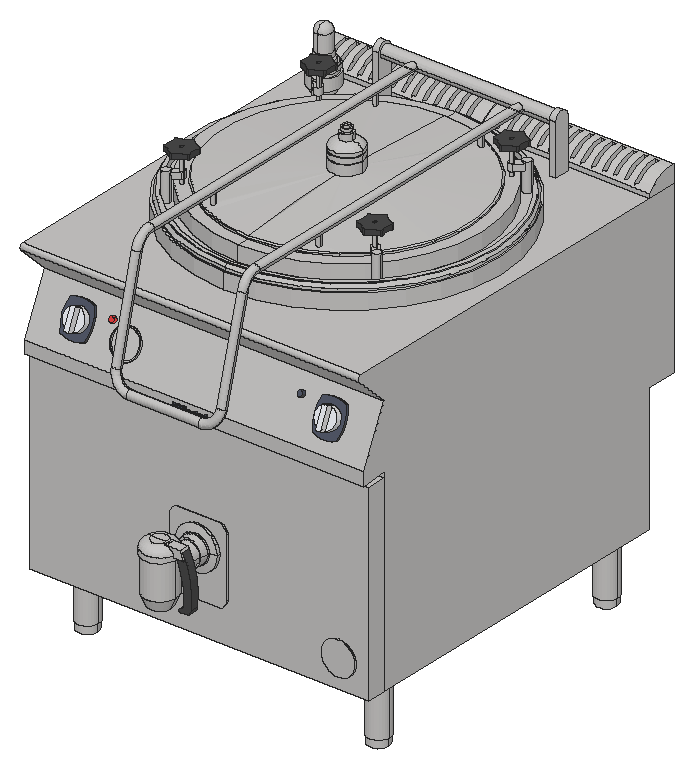
Revit family "QF_ELECTROLUXPROFESSIONAL_391613_E9NNFTBAMEC", category Attrezzature speciali, Revit 2021 (continued)
Lines and regions (mm)
  symbolic lines
    curve 225: arc (624.323, -262.931, 0) -> (628.323, -258.931, 0) -> (632.323, -262.931, 0) r 4
    curve 226: arc (657.768, -246.369, 0) -> (653.24, -234.241, 0) -> (640.819, -237.891, 0) r 9.5
    curve 227: arc (400, -829, 0) -> (341.533, -824.274, 0) -> (284.584, -810.217, 0) r 364
    curve 228: arc (400, -819.087, 0) -> (341.488, -814.219, 0) -> (284.584, -799.749, 0) r 354.087
    curve 229: arc (400, -810.163, 0) -> (341.443, -805.16, 0) -> (284.584, -790.295, 0) r 345.163
    curve 230: arc (400, -785.832, 0) -> (341.301, -780.416, 0) -> (284.584, -764.353, 0) r 320.832
    curve 231: arc (400, -753.723, 0) -> (341.05, -747.641, 0) -> (284.584, -729.651, 0) r 288.723
    curve 232: arc (400, -176.277, 0) -> (458.95, -182.359, 0) -> (515.416, -200.349, 0) r 288.723
    curve 233: arc (400, -144.168, 0) -> (458.699, -149.584, 0) -> (515.416, -165.647, 0) r 320.832
    curve 234: arc (400, -119.837, 0) -> (458.557, -124.84, 0) -> (515.416, -139.705, 0) r 345.163
    curve 235: arc (454.332, -115.106, 0) -> (485.211, -121.319, 0) -> (515.416, -130.251, 0) r 354.087
    curve 236: arc (500.351, -115.106, 0) -> (507.909, -117.363, 0) -> (515.416, -119.783, 0) r 364
    curve 237: arc (284.584, -119.783, 0) -> (292.091, -117.363, 0) -> (299.649, -115.106, 0) r 364
    curve 238: arc (284.584, -130.251, 0) -> (314.789, -121.319, 0) -> (345.668, -115.106, 0) r 354.087
    curve 239: arc (284.584, -139.705, 0) -> (341.443, -124.84, 0) -> (400, -119.837, 0) r 345.163
    curve 240: arc (284.584, -165.647, 0) -> (341.301, -149.584, 0) -> (400, -144.168, 0) r 320.832
    curve 241: arc (284.584, -200.349, 0) -> (341.05, -182.359, 0) -> (400, -176.277, 0) r 288.723
    curve 242: arc (534.416, -209.474, 0) -> (568.945, -230.866, 0) -> (600.131, -256.892, 0) r 288.723
    curve 243: arc (534.416, -173.684, 0) -> (580.763, -199.938, 0) -> (622.126, -233.499, 0) r 320.832
    curve 244: arc (534.416, -147.085, 0) -> (745.163, -465, 0) -> (534.416, -782.915, 0) r 345.163
    curve 245: arc (534.416, -137.418, 0) -> (754.087, -465, 0) -> (534.416, -792.582, 0) r 354.087
    curve 246: arc (534.416, -126.727, 0) -> (764, -465, 0) -> (534.416, -803.273, 0) r 364
    curve 247: arc (265.584, -720.526, 0) -> (231.055, -699.134, 0) -> (199.869, -673.108, 0) r 288.723
    curve 248: arc (265.584, -756.316, 0) -> (219.237, -730.062, 0) -> (177.874, -696.501, 0) r 320.832
    curve 249: arc (265.584, -782.915, 0) -> (54.837, -465, 0) -> (265.584, -147.085, 0) r 345.163
    curve 250: arc (265.584, -792.582, 0) -> (45.913, -465, 0) -> (265.584, -137.418, 0) r 354.087
    curve 251: arc (265.584, -803.273, 0) -> (36, -465, 0) -> (265.584, -126.727, 0) r 364
    curve 252: arc (515.416, -810.217, 0) -> (458.467, -824.274, 0) -> (400, -829, 0) r 364
    curve 253: arc (515.416, -799.749, 0) -> (458.512, -814.219, 0) -> (400, -819.087, 0) r 354.087
    curve 254: arc (515.416, -790.295, 0) -> (458.557, -805.16, 0) -> (400, -810.163, 0) r 345.163
    curve 255: arc (515.416, -764.353, 0) -> (458.699, -780.416, 0) -> (400, -785.832, 0) r 320.832
    curve 256: arc (515.416, -729.651, 0) -> (458.95, -747.641, 0) -> (400, -753.723, 0) r 288.723
    curve 257: arc (199.869, -256.892, 0) -> (231.055, -230.866, 0) -> (265.584, -209.474, 0) r 288.723
    curve 258: arc (177.874, -233.499, 0) -> (219.237, -199.938, 0) -> (265.584, -173.684, 0) r 320.832
    curve 259: arc (632.594, -293.941, 0) -> (688.723, -465, 0) -> (632.594, -636.059, 0) r 288.723
    curve 260: arc (657.013, -272.965, 0) -> (720.832, -465, 0) -> (657.013, -657.035, 0) r 320.832
    curve 261: arc (600.131, -673.108, 0) -> (568.945, -699.134, 0) -> (534.416, -720.526, 0) r 288.723
    curve 262: arc (622.126, -696.501, 0) -> (580.763, -730.062, 0) -> (534.416, -756.316, 0) r 320.832
    curve 263: arc (167.406, -636.059, 0) -> (111.277, -465, 0) -> (167.406, -293.941, 0) r 288.723
    curve 264: arc (142.987, -657.035, 0) -> (79.168, -465, 0) -> (142.987, -272.965, 0) r 320.832
    curve 265: line (284.584, -930, 0) -> (515.416, -930, 0)
    curve 266: line (534.416, -930, 0) -> (800, -930, 0)
    curve 267: arc (363.126, -465, 0) -> (400, -428.126, 0) -> (436.874, -465, 0) r 36.874
    curve 268: arc (436.874, -465, 0) -> (400, -501.874, 0) -> (363.126, -465, 0) r 36.874
    curve 269: arc (411.853, -465, 0) -> (400, -476.853, 0) -> (388.147, -465, 0) r 11.853
    curve 270: arc (388.147, -465, 0) -> (400, -453.147, 0) -> (411.853, -465, 0) r 11.853
    curve 271: arc (393.147, -465, 0) -> (400, -458.147, 0) -> (406.853, -465, 0) r 6.853
    curve 272: arc (406.853, -465, 0) -> (400, -471.853, 0) -> (393.147, -465, 0) r 6.853
  sketch lines
    curve 273: line (524.916, -890.935, 965.089) -> (524.916, -107.606, 965.089)
    curve 274: line (275.084, -890.935, 965.089) -> (275.084, -107.606, 965.089)
    curve 275: line (275.084, -989.388, 712.205) -> (275.084, -929.572, 935.442)
    curve 276: line (484.916, -1000.106, 672.205) -> (315.084, -1000.106, 672.205)
    curve 277: line (524.916, -929.572, 935.442) -> (524.916, -989.388, 712.205)
    curve 278: spline (484.916, -1000.106, 672.205) -> (490.158, -1000.013, 672.551) -> (495.264, -999.741, 673.567) -> (500.22, -999.29, 675.249) -> (504.918, -998.67, 677.565) -> (509.267, -997.891, 680.471) -> (513.2, -996.967, 683.92) -> (516.65, -995.913, 687.855) -> (519.555, -994.746, 692.209) -> (521.869, -993.489, 696.901) -> (523.551, -992.164, 701.847) -> (524.57, -990.793, 706.961) -> (524.916, -989.388, 712.205)
    curve 279: spline (275.084, -989.388, 712.205) -> (275.43, -990.793, 706.963) -> (276.446, -992.161, 701.857) -> (278.128, -993.489, 696.901) -> (280.443, -994.748, 692.203) -> (283.35, -995.913, 687.854) -> (286.799, -996.967, 683.921) -> (290.734, -997.891, 680.471) -> (295.088, -998.67, 677.567) -> (299.78, -999.29, 675.252) -> (304.726, -999.74, 673.571) -> (309.84, -1000.013, 672.552) -> (315.084, -1000.106, 672.205)
    curve 280: arc (275.084, -890.935, 965.089) -> (275.084, -915.286, 956.823) -> (275.084, -929.572, 935.442) r 40
    curve 281: arc (524.916, -929.572, 935.442) -> (524.916, -915.286, 956.823) -> (524.916, -890.935, 965.089) r 40
    curve 282: line (275.084, -107.606, 965.089) -> (275.084, -270.469, 1731.3)
    curve 283: line (275.084, -538.322, 1775.026) -> (275.084, -307.502, 1762.929)
    curve 284: arc (275.084, -270.469, 1731.3) -> (275.084, -283.617, 1753.4) -> (275.084, -307.502, 1762.929) r 40
    curve 285: arc (275.084, -538.322, 1775.026) -> (286.8, -566.568, 1776.497) -> (315.084, -578.268, 1777.106) r 40
    curve 286: line (315.084, -578.268, 1777.106) -> (484.916, -578.268, 1777.106)
    curve 287: arc (524.916, -538.322, 1775.026) -> (513.2, -566.568, 1776.497) -> (484.916, -578.268, 1777.106) r 40
    curve 288: line (524.916, -538.322, 1775.026) -> (524.916, -307.502, 1762.929)
    curve 289: arc (524.916, -270.469, 1731.3) -> (524.916, -283.617, 1753.4) -> (524.916, -307.502, 1762.929) r 40
    curve 290: line (524.916, -107.606, 965.089) -> (524.916, -270.469, 1731.3)
Dimensions and locks
  equal spacing: plane 3 "LEFT", plane 7 "Center Y", plane 4 "RIGHT"
  plane 3 "LEFT" to plane 4 "RIGHT" = 800 mm
  equal spacing: plane 5 "FRONT", plane 8 "Center X", plane 1 "BACK"
  plane 5 "FRONT" to plane 1 "BACK" = 930 mm
  plane 6 "TOP" to level = 850 mm  (x2)
  plane 11 to level = 1786 mm  (x2)
  plane 9 "Base" to level = 150 mm  (x2)
  plane 6 "TOP" to plane 9 "Base" = 700 mm
  plane 12 to plane 3 "LEFT" = 56 mm
  plane 4 "RIGHT" to plane 13 = 56 mm
  plane 12 to plane 13 = 688 mm
  Extrusion 3 to plane 10 = 116 mm
  plane 1 "BACK" to Extrusion 3 = 901 mm
  Extrusion 3 to plane 9 "Base" = 299 mm
  plane 1 "BACK" to Extrusion 3 = 72 mm
  Extrusion 19 sketch curve to plane 1 "BACK" = 655 mm
  Extrusion 19 sketch curve to plane 4 "RIGHT" = 54 mm
  Extrusion 20 sketch curve to plane 1 "BACK" = 721 mm
  Extrusion 20 sketch curve to plane 4 "RIGHT" = 71 mm
  Extrusion 20 to plane 1 "BACK" = 721 mm
  Extrusion 19 to plane 1 "BACK" = 655 mm
  plane 14 to plane 4 "RIGHT" = 54 mm
  plane 15 to plane 4 "RIGHT" = 71 mm
  Extrusion 21 sketch curve to plane 1 "BACK" = 646 mm
  Extrusion 21 sketch curve to plane 1 "BACK" = 716 mm
  Extrusion 21 to plane 1 "BACK" = 646 mm
  Extrusion 21 to plane 1 "BACK" = 716 mm
  plane 3 "LEFT" to plane 16 = 46 mm
  plane 1 "BACK" to plane 19 = 127 mm
  Revolve 33 to level = 266 mm
  plane 9 "Base" to Extrusion 21 = 13 mm
  level to Extrusion 21 = 137 mm
  Extrusion 36 sketch curve to plane 1 "BACK" = 716 mm
  plane 19 to plane 20 to Extrusion 3 = 674 mm, 100 mm
  aligned and locked: level to plane 2
  aligned and locked: plane 4 "RIGHT" to Extrusion 3
Automatic sketch dimensions
  curve 127 to curve 129 = 0 mm  (x2)
  curve 127 to curve 131 = 0 mm  (x2)
  curve 127 to curve 133 = 0 mm  (x2)
  curve 164 to curve 165 = 0 mm  (x2)
  curve 210 to curve 211 = 0 mm
  curve 227 to curve 228 = 0 mm  (x2)
  curve 227 to curve 229 = 0 mm  (x2)
  curve 227 to curve 230 = 0 mm  (x2)
  curve 227 to curve 231 = 0 mm  (x2)
  curve 227 to curve 232 = 0 mm  (x2)
  curve 227 to curve 233 = 0 mm  (x2)
  curve 227 to curve 234 = 0 mm  (x2)
  curve 227 to curve 235 = 0 mm  (x2)
  curve 227 to curve 236 = 0 mm  (x2)
  curve 227 to curve 237 = 0 mm  (x2)
  curve 227 to curve 238 = 0 mm  (x2)
  curve 227 to curve 239 = 0 mm
  curve 227 to curve 240 = 0 mm
  curve 227 to curve 241 = 0 mm
  curve 227 to curve 242 = 0 mm  (x2)
  curve 227 to curve 243 = 0 mm  (x2)
  curve 227 to curve 244 = 0 mm  (x2)
  curve 227 to curve 245 = 0 mm  (x2)
  curve 227 to curve 246 = 0 mm  (x2)
  curve 227 to curve 247 = 0 mm  (x2)
  curve 227 to curve 248 = 0 mm  (x2)
  curve 227 to curve 249 = 0 mm  (x2)
  curve 227 to curve 250 = 0 mm  (x2)
  curve 227 to curve 251 = 0 mm  (x2)
  curve 227 to curve 252 = 0 mm
  curve 227 to curve 253 = 0 mm
  curve 227 to curve 254 = 0 mm
  curve 227 to curve 255 = 0 mm
  curve 227 to curve 256 = 0 mm
  curve 227 to curve 257 = 0 mm  (x2)
  curve 227 to curve 258 = 0 mm  (x2)
  curve 227 to curve 259 = 0 mm  (x2)
  curve 227 to curve 260 = 0 mm  (x2)
  curve 227 to curve 261 = 0 mm  (x2)
  curve 227 to curve 262 = 0 mm  (x2)
  curve 227 to curve 263 = 0 mm  (x2)
  curve 227 to curve 264 = 0 mm  (x2)
  curve 238 to curve 267 = 0 mm
  curve 249 to curve 267 = 0 mm
  curve 268 to curve 272 = 0 mm  (x2)
  curve 270 to curve 272 = 0 mm  (x2)
  plane 5 "FRONT" to curve 3 = 0 mm
  curve 8 to plane 3 "LEFT" = 0 mm
  curve 132 to plane 19 = 0 mm
  curve 211 to plane 17 = 0 mm
  curve 195 to plane 17 = 0 mm
  plane 5 "FRONT" to curve 4 = 0 mm
  plane 5 "FRONT" to curve 265 = 0 mm
  curve 268 to plane 8 "Center X" = 0 mm
  curve 267 to plane 7 "Center Y" = 0 mm
  curve 164 to plane 7 "Center Y" = 0 mm
  plane 5 "FRONT" to curve 266 = 0 mm
  curve 180 to plane 18 = 0 mm
  curve 226 to plane 18 = 0 mm
  curve 266 to plane 4 "RIGHT" = 0 mm
  plane 5 "FRONT" to curve 1 = 0 mm
  plane 10 to curve 165 = 0 mm
  plane 1 "BACK" to curve 5 = 0 mm
  curve 3 to plane 3 "LEFT" = 50 mm
  plane 1 "BACK" to curve 14 = 6.761 mm
  plane 16 to curve 14 = 17.297 mm
  plane 16 to curve 16 = 8.001 mm
  plane 12 to curve 20 = 0.809 mm
  curve 20 to plane 12 = 8.487 mm
  curve 131 to plane 12 = 19 mm
  curve 206 to plane 12 = 22.767 mm
  curve 185 to plane 12 = 22.767 mm
  plane 1 "BACK" to curve 23 = 6.761 mm
  curve 19 to curve 23 = 16.193 mm
  curve 22 to curve 22 = 9.296 mm
  plane 1 "BACK" to curve 29 = 6.761 mm
  curve 22 to curve 29 = 16.193 mm
  curve 28 to curve 27 = 9.296 mm
  plane 17 to curve 183 = 25.788 mm
  plane 17 to curve 187 = 25.788 mm
  plane 17 to curve 204 = 25.788 mm
  curve 26 to curve 31 = 16.193 mm
  plane 17 to curve 264 = 8.023 mm  (x2)
  curve 31 to curve 33 = 9.296 mm
  curve 206 to curve 264 = 0.91 mm
  curve 211 to curve 210 = 9.5 mm
  curve 184 to curve 264 = 0.91 mm
  curve 210 to curve 206 = 0.567 mm
  plane 17 to curve 186 = 8.933 mm
  curve 205 to curve 206 = 0 mm
  curve 185 to curve 186 = 0 mm
  curve 206 to curve 207 = 0 mm
  curve 185 to curve 184 = 0 mm
  curve 205 to curve 211 = 0.155 mm
  curve 185 to curve 195 = 0.261 mm
  curve 185 to curve 184 = 2.05 mm
  curve 206 to curve 208 = 2.05 mm
  curve 195 to curve 187 = 1.788 mm
  curve 211 to curve 205 = 1.895 mm
  curve 186 to curve 187 = 0 mm
  curve 207 to curve 208 = 0 mm
  curve 183 to curve 184 = 0 mm
  curve 204 to curve 205 = 0 mm
  curve 204 to curve 205 = 0.873 mm
  curve 183 to curve 184 = 0.873 mm
  curve 186 to curve 186 = 0.873 mm
  curve 207 to curve 207 = 2.922 mm
  curve 37 to plane 17 = 6.135 mm
  curve 210 to plane 17 = 8.171 mm
  curve 195 to plane 17 = 8.37 mm
  curve 36 to curve 36 = 9.296 mm
  curve 263 to plane 17 = 16.396 mm  (x2)
  curve 193 to plane 17 = 16.667 mm
  curve 197 to plane 17 = 16.667 mm
  curve 263 to curve 182 = 2.209 mm
  curve 183 to curve 182 = 0 mm
  curve 263 to curve 209 = 2.209 mm
  curve 208 to curve 209 = 0 mm
  curve 210 to curve 203 = 10.466 mm
  curve 195 to curve 188 = 10.267 mm
  curve 204 to curve 203 = 0 mm
  curve 187 to curve 188 = 0 mm
  curve 209 to curve 209 = 2.063 mm  (x2)
  curve 196 to curve 196 = 4 mm
  curve 187 to curve 188 = 2.031 mm
  curve 204 to curve 203 = 2.031 mm
  curve 193 to curve 193 = 4 mm
  curve 183 to curve 182 = 2.063 mm
  curve 203 to curve 203 = 2.031 mm
  curve 188 to curve 188 = 2.031 mm
  curve 202 to curve 203 = 0 mm
  curve 189 to curve 188 = 0 mm
  curve 182 to curve 181 = 2.063 mm
  curve 198 to curve 209 = 0 mm
  curve 182 to curve 181 = 0 mm
  curve 203 to curve 258 = 4.166 mm
  curve 189 to curve 248 = 4.166 mm
  plane 1 "BACK" to curve 38 = 6.761 mm
  curve 35 to curve 38 = 16.193 mm
  curve 39 to curve 148 = 0.877 mm
  curve 39 to curve 41 = 9.296 mm
  curve 148 to curve 148 = 14.583 mm
  curve 248 to curve 190 = 20.482 mm
  curve 196 to curve 199 = 22.678 mm
  curve 258 to curve 201 = 20.482 mm
  curve 193 to curve 192 = 22.678 mm
  curve 192 to curve 181 = 0.873 mm
  curve 190 to curve 190 = 0.873 mm
  curve 201 to curve 201 = 0.873 mm
  curve 202 to curve 201 = 0 mm
  curve 189 to curve 190 = 0 mm
  curve 199 to curve 199 = 0.873 mm
  curve 192 to curve 181 = 0 mm
  curve 198 to curve 199 = 0 mm
  curve 201 to curve 257 = 1.514 mm
  curve 190 to curve 247 = 1.514 mm
  curve 192 to curve 191 = 2.922 mm
  curve 201 to curve 201 = 2.922 mm
  curve 192 to curve 191 = 0 mm
  curve 190 to curve 191 = 2.922 mm
  curve 200 to curve 201 = 0 mm
  curve 190 to curve 191 = 0 mm
  curve 199 to curve 199 = 2.922 mm
  curve 200 to curve 199 = 0 mm
  plane 1 "BACK" to curve 45 = 6.761 mm
  curve 38 to curve 45 = 16.193 mm
  curve 42 to curve 43 = 9.296 mm
  curve 199 to curve 198 = 18.905 mm
  curve 190 to curve 189 = 18.905 mm
  curve 201 to curve 202 = 18.905 mm
  plane 1 "BACK" to curve 47 = 6.761 mm
  curve 43 to curve 47 = 16.193 mm
  curve 47 to curve 48 = 9.296 mm
  plane 1 "BACK" to curve 53 = 6.761 mm
  curve 46 to curve 53 = 16.193 mm
  curve 50 to curve 51 = 9.296 mm
  curve 159 to curve 160 = 11.018 mm
  curve 159 to curve 160 = 0 mm
  curve 152 to curve 159 = 16.906 mm
  curve 238 to plane 19 = 3.251 mm
  curve 251 to curve 238 = 19 mm
  plane 1 "BACK" to curve 54 = 6.761 mm
  curve 51 to curve 54 = 16.193 mm
  curve 54 to curve 54 = 9.296 mm
  curve 153 to curve 237 = 15.065 mm
  curve 56 to curve 58 = 16.193 mm
  curve 160 to plane 5 "FRONT" = 18.895 mm
  curve 265 to curve 160 = 26.349 mm
  curve 160 to curve 158 = 4.31 mm
  curve 156 to plane 10 = 7.425 mm
  curve 60 to curve 59 = 9.296 mm
  plane 1 "BACK" to curve 63 = 6.761 mm
  curve 59 to curve 63 = 16.193 mm
  curve 63 to curve 65 = 9.296 mm
  plane 19 to curve 238 = 11.894 mm
  curve 164 to plane 7 "Center Y" = 40.433 mm
  curve 64 to curve 69 = 16.193 mm
  curve 268 to plane 7 "Center Y" = 36.874 mm
  plane 5 "FRONT" to curve 10 = 4.772 mm
  curve 10 to plane 7 "Center Y" = 31.52 mm
  curve 164 to curve 165 = 8.979 mm
  curve 66 to curve 66 = 9.296 mm
  curve 165 to curve 12 = 4.144 mm
  curve 269 to plane 7 "Center Y" = 11.853 mm
  curve 269 to curve 272 = 5 mm
  plane 7 "Center Y" to curve 136 = 15.663 mm
  curve 13 to curve 165 = 4.144 mm
  plane 1 "BACK" to curve 124 = 6.761 mm
  plane 7 "Center Y" to curve 124 = 29.653 mm
  curve 13 to curve 9 = 4.21 mm
  curve 123 to curve 124 = 9.296 mm
  plane 10 to curve 164 = 10.975 mm
  curve 122 to curve 235 = 15.384 mm
  curve 122 to curve 121 = 16.193 mm
  curve 164 to curve 139 = 17.124 mm
  curve 137 to curve 138 = 3.801 mm
  curve 138 to curve 141 = 3.334 mm
  curve 120 to curve 119 = 9.296 mm
  plane 1 "BACK" to curve 116 = 6.761 mm
  curve 118 to curve 116 = 16.193 mm
  curve 138 to curve 140 = 22.077 mm
  curve 140 to curve 156 = 2.138 mm
  curve 161 to curve 156 = 0 mm
  curve 157 to curve 161 = 0 mm
  curve 161 to curve 163 = 4.31 mm
  curve 115 to curve 117 = 9.296 mm
  curve 235 to curve 236 = 46.018 mm
  curve 114 to curve 113 = 16.193 mm
  curve 110 to curve 111 = 9.296 mm
  curve 161 to curve 254 = 30.659 mm
  curve 155 to curve 162 = 2.094 mm
  curve 163 to plane 10 = 13.503 mm
  curve 162 to curve 163 = 5.889 mm
  curve 162 to curve 163 = 0 mm
  curve 111 to curve 106 = 16.193 mm
  curve 261 to curve 168 = 0.996 mm
  curve 242 to curve 214 = 0.996 mm
  curve 106 to curve 109 = 9.296 mm
  plane 1 "BACK" to curve 105 = 6.761 mm
  curve 108 to curve 105 = 16.193 mm
  curve 102 to curve 102 = 9.296 mm
  curve 243 to curve 212 = 47.451 mm
  curve 216 to plane 18 = 67.123 mm
  curve 166 to plane 18 = 67.123 mm
  curve 262 to curve 170 = 47.451 mm
  curve 103 to curve 99 = 16.193 mm
  curve 99 to curve 101 = 9.296 mm
  curve 168 to plane 18 = 50.268 mm
  curve 215 to plane 18 = 50.268 mm
  curve 214 to curve 215 = 0 mm  (x2)
  curve 167 to curve 168 = 0 mm
  curve 169 to curve 167 = 0 mm
  curve 168 to curve 169 = 0 mm
  curve 213 to curve 214 = 0 mm
  curve 168 to curve 261 = 1.408 mm
  curve 214 to curve 242 = 1.408 mm
  curve 167 to curve 166 = 2.05 mm
  curve 168 to curve 170 = 2.05 mm
  curve 169 to curve 170 = 0 mm
  curve 214 to curve 215 = 2.05 mm
  curve 213 to curve 213 = 2.05 mm
  curve 212 to curve 213 = 0 mm
  curve 216 to curve 215 = 0 mm
  curve 167 to curve 166 = 0 mm
  curve 215 to curve 215 = 0.873 mm
  curve 168 to curve 169 = 2.922 mm
  curve 167 to curve 167 = 2.922 mm
  curve 212 to curve 213 = 0.873 mm
  curve 98 to curve 147 = 10.028 mm
  curve 98 to curve 126 = 16.193 mm
  curve 142 to curve 142 = 14.583 mm
  curve 96 to curve 96 = 9.296 mm
  curve 170 to curve 262 = 21.354 mm
  curve 213 to curve 243 = 21.354 mm
  curve 179 to plane 18 = 24.667 mm
  curve 224 to plane 18 = 24.667 mm
  curve 217 to plane 18 = 22.73 mm
  curve 166 to plane 18 = 22.73 mm
  curve 177 to curve 166 = 0 mm
  curve 216 to curve 217 = 0 mm
  curve 262 to curve 170 = 4.166 mm
  curve 171 to curve 170 = 0 mm
  curve 243 to curve 223 = 4.166 mm
  curve 212 to curve 223 = 0 mm
  curve 171 to curve 171 = 2.031 mm
  curve 178 to curve 178 = 4 mm
  curve 224 to curve 224 = 4 mm
  curve 212 to curve 223 = 2.031 mm
  curve 217 to curve 217 = 2.063 mm
  curve 177 to curve 177 = 2.063 mm  (x2)
  curve 223 to curve 223 = 2.031 mm
  curve 171 to curve 172 = 2.031 mm
  curve 171 to curve 172 = 0 mm
  curve 222 to curve 223 = 0 mm
  curve 217 to curve 218 = 2.063 mm
  curve 217 to curve 218 = 0 mm
  curve 176 to curve 177 = 0 mm
  curve 176 to curve 259 = 2.209 mm
  curve 218 to curve 259 = 2.209 mm
  curve 91 to plane 18 = 15.43 mm
  curve 180 to plane 18 = 8.37 mm
  curve 226 to plane 18 = 8.171 mm
  curve 93 to plane 18 = 6.135 mm
  plane 18 to curve 173 = 6.011 mm
  plane 18 to curve 221 = 6.011 mm
  plane 18 to curve 175 = 6.011 mm
  plane 18 to curve 219 = 6.011 mm
  curve 221 to curve 221 = 0.873 mm
  curve 173 to curve 172 = 0.873 mm
  curve 222 to curve 221 = 0 mm
  curve 173 to curve 172 = 0 mm
  curve 175 to curve 176 = 0.873 mm
  curve 219 to curve 218 = 0.873 mm
  curve 219 to curve 218 = 0 mm
  curve 175 to curve 176 = 0 mm
  curve 219 to curve 260 = 2.012 mm
  curve 175 to curve 260 = 2.012 mm
  curve 173 to curve 180 = 1.788 mm
  curve 221 to curve 226 = 1.895 mm
  curve 175 to curve 175 = 2.922 mm
  curve 226 to curve 221 = 0.155 mm
  curve 220 to curve 221 = 0 mm
  curve 219 to curve 220 = 2.922 mm
  curve 174 to curve 175 = 0 mm
  curve 180 to curve 174 = 0.261 mm
  curve 173 to curve 174 = 0 mm
  curve 219 to curve 220 = 0 mm
  plane 18 to curve 88 = 10.058 mm
  curve 88 to curve 87 = 9.296 mm
  plane 18 to curve 218 = 25.788 mm
  plane 18 to curve 176 = 25.788 mm
  plane 1 "BACK" to curve 84 = 6.761 mm
  curve 86 to curve 84 = 16.193 mm
  curve 83 to curve 84 = 9.296 mm
  plane 1 "BACK" to curve 78 = 6.761 mm
  curve 84 to curve 78 = 16.193 mm
  curve 78 to curve 79 = 9.296 mm
  curve 75 to plane 15 = 6.513 mm
  plane 13 to curve 77 = 0.809 mm
  plane 1 "BACK" to curve 70 = 6.761 mm
  curve 70 to plane 14 = 15.001 mm
  curve 70 to curve 71 = 9.296 mm
  plane 4 "RIGHT" to curve 1 = 50 mm
  curve 136 to curve 138 = 3.039 mm
  curve 156 to curve 157 = 19.044 mm
  curve 159 to curve 153 = 1.575 mm
  curve 162 to curve 161 = 1.575 mm
  curve 252 to curve 229 = 18.837 mm
  curve 253 to curve 229 = 8.924 mm
  curve 245 to curve 244 = 9.667 mm
  curve 255 to curve 262 = 8.036 mm
  curve 230 to curve 256 = 32.108 mm
  curve 172 to curve 262 = 51.031 mm
  curve 195 to curve 193 = 25.162 mm
  curve 180 to curve 178 = 25.162 mm
  curve 264 to curve 184 = 4.689 mm
  curve 196 to curve 210 = 20.194 mm
  curve 225 to curve 242 = 6.038 mm
  curve 257 to curve 241 = 9.125 mm
  curve 258 to curve 240 = 8.036 mm
  curve 127 to curve 127 = 35 mm
  curve 127 to curve 130 = 5 mm
  curve 129 to curve 134 = 5 mm
  curve 133 to curve 131 = 6.817 mm
  curve 234 to curve 235 = 9.454 mm
  plane 19 to curve 149 = 9.5 mm
  curve 144 to curve 146 = 2.379 mm
  curve 146 to curve 147 = 30 mm
  curve 147 to curve 144 = 2.394 mm
  curve 147 to curve 148 = 2.394 mm
  plane 19 to curve 8 = 57.15 mm
  curve 236 to curve 115 = 50.222 mm
  curve 142 to curve 98 = 17.828 mm
  curve 153 to curve 56 = 50.222 mm
  curve 8 to curve 16 = 4.965 mm
  curve 148 to curve 47 = 17.828 mm
  curve 16 to curve 18 = 0 mm
  curve 125 to curve 114 = 0 mm
  curve 148 to curve 45 = 17.828 mm
  curve 41 to curve 42 = 0 mm
  curve 114 to curve 112 = 0 mm
  curve 238 to curve 65 = 50.222 mm
  curve 18 to curve 24 = 0 mm
  curve 32 to curve 39 = 0 mm
  curve 48 to curve 53 = 0 mm
  curve 119 to curve 114 = 0 mm
  curve 142 to curve 96 = 17.828 mm
  curve 103 to curve 98 = 0 mm
  curve 64 to curve 69 = 0 mm
  curve 111 to curve 106 = 0 mm
  curve 95 to curve 87 = 0 mm
  curve 26 to curve 31 = 0 mm
  curve 32 to curve 37 = 0 mm
  curve 56 to curve 61 = 0 mm
  curve 93 to curve 88 = 0 mm
  curve 87 to curve 79 = 0.974 mm
  curve 87 to curve 83 = 0.974 mm
  curve 79 to curve 77 = 0 mm
  curve 74 to curve 73 = 0 mm
  plane 1 "BACK" to curve 75 = 6.761 mm
  plane 1 "BACK" to curve 69 = 6.761 mm
  plane 1 "BACK" to curve 86 = 6.761 mm
  plane 1 "BACK" to curve 91 = 6.761 mm
  plane 1 "BACK" to curve 94 = 6.761 mm
  plane 1 "BACK" to curve 99 = 6.761 mm
  plane 1 "BACK" to curve 107 = 6.761 mm
  plane 1 "BACK" to curve 61 = 6.761 mm
  plane 1 "BACK" to curve 110 = 6.761 mm
  plane 1 "BACK" to curve 118 = 6.761 mm
  plane 1 "BACK" to curve 31 = 6.761 mm
  plane 1 "BACK" to curve 19 = 6.761 mm
  plane 1 "BACK" to curve 35 = 6.761 mm
  curve 2 to plane 1 "BACK" = 50 mm
  Revolve 1 sketch curve to plane 9 "Base" = 0 mm  (x2)
  Revolve 1 sketch curve to level = 0 mm
  plane 12 to Revolve 1 sketch curve = 0 mm  (x2)
  plane 16 to Revolve 1 sketch curve = 13.9 mm
  Revolve 1 sketch curve to Revolve 1 sketch curve = 2.5 mm
  level to Revolve 1 sketch curve = 19.05 mm
  Revolve 1 sketch curve to Revolve 1 sketch curve = 20 mm
  Revolve 2 sketch curve to plane 9 "Base" = 0 mm  (x2)
  Revolve 2 sketch curve to level = 0 mm
  plane 12 to Revolve 2 sketch curve = 0 mm  (x2)
  plane 16 to Revolve 2 sketch curve = 13.9 mm
  Revolve 2 sketch curve to Revolve 2 sketch curve = 2.5 mm
  level to Revolve 2 sketch curve = 19.05 mm
  Revolve 2 sketch curve to Revolve 2 sketch curve = 20 mm
  Extrusion 3 sketch curve to plane 6 "TOP" = 0 mm
  Extrusion 3 sketch curve to plane 9 "Base" = 0 mm  (x2)
  Extrusion 3 sketch curve to plane 1 "BACK" = 0 mm
  plane 19 to Extrusion 3 sketch curve = 55 mm
  Extrusion 3 sketch curve to Extrusion 3 sketch curve = 3.175 mm  (x2)
  Extrusion 3 sketch curve to Extrusion 3 sketch curve = 0.442 mm
  Extrusion 3 sketch curve to plane 5 "FRONT" = 29 mm
  Extrusion 3 sketch curve to plane 5 "FRONT" = 14.69 mm
  Extrusion 3 sketch curve to plane 5 "FRONT" = 7.658 mm
  Extrusion 3 sketch curve to plane 5 "FRONT" = 2.243 mm
  plane 9 "Base" to Extrusion 3 sketch curve = 299 mm
  Extrusion 3 sketch curve to plane 6 "TOP" = 247.929 mm
  Extrusion 3 sketch curve to Extrusion 3 sketch curve = 8.058 mm
  Extrusion 3 sketch curve to Extrusion 3 sketch curve = 9.61 mm
  Extrusion 3 sketch curve to Extrusion 3 sketch curve = 31.298 mm
  Extrusion 3 sketch curve to plane 6 "TOP" = 83.217 mm
  Extrusion 3 sketch curve to plane 6 "TOP" = 13.073 mm
  Extrusion 4 sketch curve to plane 7 "Center Y" = 46.875 mm
  plane 9 "Base" to Extrusion 4 sketch curve = 76.296 mm
  Extrusion 4 sketch curve to Extrusion 4 sketch curve = 20 mm  (x3)
  Extrusion 4 sketch curve to Extrusion 4 sketch curve = 140 mm
  plane 7 "Center Y" to Extrusion 4 sketch curve = 46.875 mm
  Extrusion 4 sketch curve to Extrusion 4 sketch curve = 0 mm
  Revolve 5 sketch curve to plane 7 "Center Y" = 0 mm  (x2)
  plane 7 "Center Y" to Revolve 5 sketch curve = 27.31 mm
  Revolve 5 sketch curve to Revolve 5 sketch curve = 4.21 mm
  Revolve 5 sketch curve to Revolve 5 sketch curve = 2.04 mm
  Revolve 5 sketch curve to Revolve 5 sketch curve = 16.919 mm
  Revolve 5 sketch curve to plane 10 = 22.744 mm
  plane 5 "FRONT" to Revolve 5 sketch curve = 4.737 mm
  Revolve 5 sketch curve to plane 5 "FRONT" = 1.761 mm
  Revolve 5 sketch curve to plane 5 "FRONT" = 13.787 mm
  Revolve 5 sketch curve to Revolve 5 sketch curve = 2.899 mm
  Revolve 5 sketch curve to Revolve 5 sketch curve = 3.596 mm
  Revolve 5 sketch curve to Revolve 5 sketch curve = 24.039 mm
  Revolve 5 sketch curve to Revolve 5 sketch curve = 15.961 mm
  Extrusion 6 sketch curve to Extrusion 3 = 66.87 mm
  Extrusion 6 sketch curve to Extrusion 3 = 126.87 mm
  Extrusion 3 to Extrusion 6 sketch curve = 70.027 mm
  Extrusion 3 to Extrusion 6 sketch curve = 284.973 mm
  plane 18 to Extrusion 7 sketch curve = 20.038 mm
  plane 15 to Extrusion 7 sketch curve = 1.596 mm
  Extrusion 7 sketch curve to Extrusion 7 sketch curve = 0 mm  (x3)
  Extrusion 7 sketch curve to plane 12 = 16.596 mm
  plane 17 to Extrusion 7 sketch curve = 20.038 mm
  Extrusion 7 sketch curve to Extrusion 7 sketch curve = 12.3 mm  (x2)
  Extrusion 7 sketch curve to plane 14 = 7.131 mm
  Extrusion 7 sketch curve to Extrusion 7 sketch curve = 34.925 mm  (x4)
  Extrusion 7 sketch curve to plane 18 = 5.076 mm
  Extrusion 7 sketch curve to plane 17 = 5.076 mm
  plane 16 to Extrusion 7 sketch curve = 0.131 mm
  Extrusion 7 sketch curve to Extrusion 7 sketch curve = 46.691 mm  (x2)
  plane 15 to Extrusion 7 sketch curve = 2.214 mm
  plane 18 to Extrusion 7 sketch curve = 20.651 mm
  Extrusion 7 sketch curve to plane 12 = 17.214 mm
  plane 17 to Extrusion 7 sketch curve = 20.651 mm
  Extrusion 8 sketch curve to Extrusion 8 sketch curve = 0 mm
  Extrusion 8 sketch curve to Extrusion 8 sketch curve = 595.086 mm
  Extrusion 9 sketch curve to Extrusion 9 sketch curve = 24.732 mm  (x2)
  Extrusion 9 sketch curve to Extrusion 9 sketch curve = 0 mm  (x2)
  Extrusion 10 sketch curve to plane 17 = 26.173 mm
  Extrusion 11 sketch curve to plane 18 = 26.173 mm
  plane 7 "Center Y" to Extrusion 12 sketch curve = 21.292 mm
  Extrusion 12 sketch curve to plane 6 "TOP" = 237.067 mm
  Extrusion 12 sketch curve to plane 7 "Center Y" = 13.807 mm
  Extrusion 12 sketch curve to Extrusion 12 sketch curve = 5.041 mm
  plane 7 "Center Y" to Extrusion 12 sketch curve = 5.969 mm
  Extrusion 12 sketch curve to Extrusion 12 sketch curve = 5.06 mm
  Extrusion 12 sketch curve to Extrusion 12 sketch curve = 0 mm  (x27)
  Extrusion 12 sketch curve to Extrusion 12 sketch curve = 5.108 mm  (x2)
  Extrusion 12 sketch curve to Extrusion 12 sketch curve = 0.054 mm
  Extrusion 12 sketch curve to Extrusion 12 sketch curve = 0.218 mm
  Extrusion 12 sketch curve to Extrusion 12 sketch curve = 0.195 mm
  Extrusion 12 sketch curve to Extrusion 12 sketch curve = 0.249 mm
  Extrusion 12 sketch curve to Extrusion 12 sketch curve = 0.316 mm
  Extrusion 12 sketch curve to Extrusion 12 sketch curve = 0.087 mm
  Extrusion 12 sketch curve to Extrusion 12 sketch curve = 0.358 mm
  Extrusion 12 sketch curve to Extrusion 12 sketch curve = 0.481 mm
  Extrusion 12 sketch curve to Extrusion 12 sketch curve = 0.597 mm
  Extrusion 12 sketch curve to Extrusion 12 sketch curve = 0.544 mm
  Extrusion 12 sketch curve to Extrusion 12 sketch curve = 0.936 mm
  Extrusion 12 sketch curve to Extrusion 12 sketch curve = 0.594 mm
  Extrusion 12 sketch curve to Extrusion 12 sketch curve = 0.343 mm
  Extrusion 12 sketch curve to Extrusion 12 sketch curve = 0.159 mm
  Extrusion 12 sketch curve to Extrusion 12 sketch curve = 0.826 mm
  Extrusion 12 sketch curve to Extrusion 12 sketch curve = 0.839 mm
  Extrusion 12 sketch curve to Extrusion 12 sketch curve = 0.852 mm
  Extrusion 12 sketch curve to Extrusion 12 sketch curve = 0.887 mm
  Extrusion 12 sketch curve to Extrusion 12 sketch curve = 0.928 mm
  Extrusion 12 sketch curve to Extrusion 12 sketch curve = 0.938 mm
  Extrusion 12 sketch curve to Extrusion 12 sketch curve = 0.444 mm
  Extrusion 12 sketch curve to Extrusion 12 sketch curve = 1.11 mm  (x3)
  plane 7 "Center Y" to Extrusion 12 sketch curve = 43.726 mm
  Extrusion 12 sketch curve to Extrusion 12 sketch curve = 0.215 mm
  plane 7 "Center Y" to Extrusion 12 sketch curve = 0.332 mm
  Extrusion 12 sketch curve to Extrusion 12 sketch curve = 1.43 mm
  Extrusion 12 sketch curve to Extrusion 12 sketch curve = 1.188 mm
  Extrusion 12 sketch curve to Extrusion 12 sketch curve = 1.21 mm  (x2)
  Extrusion 12 sketch curve to Extrusion 12 sketch curve = 0.503 mm
  plane 7 "Center Y" to Extrusion 12 sketch curve = 48.995 mm
  Extrusion 12 sketch curve to Extrusion 12 sketch curve = 0.488 mm
  plane 7 "Center Y" to Extrusion 12 sketch curve = 52.922 mm
  Extrusion 12 sketch curve to Extrusion 12 sketch curve = 0.462 mm
  Extrusion 12 sketch curve to Extrusion 12 sketch curve = 1.386 mm
  Extrusion 12 sketch curve to Extrusion 12 sketch curve = 1.742 mm
  Extrusion 12 sketch curve to Extrusion 12 sketch curve = 0.821 mm
  Extrusion 12 sketch curve to Extrusion 12 sketch curve = 0.497 mm
  Extrusion 12 sketch curve to Extrusion 12 sketch curve = 0.539 mm
  Extrusion 12 sketch curve to Extrusion 12 sketch curve = 0.199 mm
  Extrusion 12 sketch curve to plane 7 "Center Y" = 0.042 mm
  Extrusion 12 sketch curve to Extrusion 12 sketch curve = 0.408 mm
  Extrusion 12 sketch curve to Extrusion 12 sketch curve = 0.743 mm
  Extrusion 12 sketch curve to Extrusion 12 sketch curve = 1.16 mm
  Extrusion 12 sketch curve to Extrusion 12 sketch curve = 0.329 mm
  Extrusion 12 sketch curve to Extrusion 12 sketch curve = 1.054 mm
  Extrusion 12 sketch curve to Extrusion 12 sketch curve = 1.056 mm
  Extrusion 12 sketch curve to Extrusion 12 sketch curve = 0.129 mm
  Extrusion 12 sketch curve to Extrusion 12 sketch curve = 0.489 mm
  Extrusion 12 sketch curve to plane 7 "Center Y" = 0.376 mm
  Extrusion 12 sketch curve to Extrusion 12 sketch curve = 0.441 mm
  Extrusion 12 sketch curve to Extrusion 12 sketch curve = 1.151 mm
  Extrusion 12 sketch curve to Extrusion 12 sketch curve = 1.141 mm  (x2)
  Extrusion 12 sketch curve to Extrusion 12 sketch curve = 0.768 mm
  Extrusion 12 sketch curve to Extrusion 12 sketch curve = 1.653 mm
  Extrusion 12 sketch curve to Extrusion 12 sketch curve = 0.499 mm
  Extrusion 12 sketch curve to Extrusion 12 sketch curve = 0.964 mm
  Extrusion 12 sketch curve to Extrusion 12 sketch curve = 0.949 mm
  Extrusion 12 sketch curve to Extrusion 12 sketch curve = 1.345 mm  (x3)
  Extrusion 12 sketch curve to Extrusion 12 sketch curve = 1.101 mm
  Extrusion 12 sketch curve to Extrusion 12 sketch curve = 0.432 mm
  Extrusion 12 sketch curve to Extrusion 12 sketch curve = 1.142 mm
  Extrusion 12 sketch curve to Extrusion 12 sketch curve = 0.959 mm
  Extrusion 12 sketch curve to Extrusion 12 sketch curve = 0.176 mm
  Extrusion 12 sketch curve to Extrusion 12 sketch curve = 0.728 mm
  Extrusion 12 sketch curve to Extrusion 12 sketch curve = 3.375 mm  (x2)
  Extrusion 12 sketch curve to Extrusion 12 sketch curve = 0.541 mm
  Extrusion 12 sketch curve to Extrusion 12 sketch curve = 0.955 mm
  Extrusion 12 sketch curve to Extrusion 12 sketch curve = 1.251 mm
  Extrusion 12 sketch curve to Extrusion 12 sketch curve = 0.572 mm
  plane 7 "Center Y" to Extrusion 12 sketch curve = 47.619 mm
  Extrusion 12 sketch curve to Extrusion 12 sketch curve = 1.92 mm
  Extrusion 12 sketch curve to Extrusion 12 sketch curve = 1.224 mm
  Extrusion 12 sketch curve to Extrusion 12 sketch curve = 0.745 mm
  Extrusion 12 sketch curve to Extrusion 12 sketch curve = 0.036 mm
  Extrusion 12 sketch curve to Extrusion 12 sketch curve = 0.896 mm  (x3)
  Extrusion 12 sketch curve to Extrusion 12 sketch curve = 2.607 mm
  Extrusion 12 sketch curve to Extrusion 12 sketch curve = 0.066 mm
  Extrusion 12 sketch curve to Extrusion 12 sketch curve = 0.248 mm
  Extrusion 12 sketch curve to Extrusion 12 sketch curve = 0.449 mm
  plane 7 "Center Y" to Extrusion 12 sketch curve = 46.838 mm
  Extrusion 12 sketch curve to Extrusion 12 sketch curve = 1.052 mm
  Extrusion 12 sketch curve to Extrusion 12 sketch curve = 1.863 mm
  Extrusion 12 sketch curve to Extrusion 12 sketch curve = 1.31 mm  (x2)
  Extrusion 12 sketch curve to Extrusion 12 sketch curve = 0.901 mm
  Extrusion 12 sketch curve to Extrusion 12 sketch curve = 1.107 mm
  Extrusion 12 sketch curve to Extrusion 12 sketch curve = 2.122 mm
  Extrusion 12 sketch curve to Extrusion 12 sketch curve = 2.101 mm
  Extrusion 12 sketch curve to Extrusion 12 sketch curve = 0.106 mm
  Extrusion 12 sketch curve to Extrusion 12 sketch curve = 0.029 mm
  plane 7 "Center Y" to Extrusion 12 sketch curve = 49.641 mm
  Extrusion 12 sketch curve to Extrusion 12 sketch curve = 2.09 mm
  Extrusion 12 sketch curve to Extrusion 12 sketch curve = 1.279 mm
  Extrusion 12 sketch curve to Extrusion 12 sketch curve = 2.008 mm
  Extrusion 12 sketch curve to Extrusion 12 sketch curve = 0.738 mm
  Extrusion 12 sketch curve to Extrusion 12 sketch curve = 0.382 mm
  Extrusion 12 sketch curve to Extrusion 12 sketch curve = 0.384 mm
  Extrusion 12 sketch curve to Extrusion 12 sketch curve = 0.002 mm
  Extrusion 12 sketch curve to Extrusion 12 sketch curve = 0.561 mm
  Extrusion 12 sketch curve to Extrusion 12 sketch curve = 0.592 mm
  Extrusion 12 sketch curve to Extrusion 12 sketch curve = 2.692 mm
  Extrusion 12 sketch curve to Extrusion 12 sketch curve = 1.259 mm
  plane 7 "Center Y" to Extrusion 12 sketch curve = 48.858 mm
  Extrusion 12 sketch curve to Extrusion 12 sketch curve = 0.802 mm
  Extrusion 12 sketch curve to Extrusion 12 sketch curve = 1.024 mm
  Extrusion 12 sketch curve to Extrusion 12 sketch curve = 0.682 mm
  Extrusion 12 sketch curve to Extrusion 12 sketch curve = 5.934 mm
  Extrusion 12 sketch curve to Extrusion 12 sketch curve = 2.186 mm
  Extrusion 12 sketch curve to Extrusion 12 sketch curve = 0.337 mm
  Extrusion 12 sketch curve to Extrusion 12 sketch curve = 0.021 mm
  Extrusion 12 sketch curve to Extrusion 12 sketch curve = 1.005 mm
  Extrusion 12 sketch curve to Extrusion 12 sketch curve = 0.552 mm
  Extrusion 12 sketch curve to Extrusion 12 sketch curve = 0.778 mm
  Extrusion 12 sketch curve to Extrusion 12 sketch curve = 0.063 mm
  Extrusion 12 sketch curve to Extrusion 12 sketch curve = 1.023 mm
  Extrusion 12 sketch curve to Extrusion 12 sketch curve = 3.804 mm
  Extrusion 12 sketch curve to Extrusion 12 sketch curve = 0.486 mm
  Extrusion 12 sketch curve to Extrusion 12 sketch curve = 0.266 mm
  Extrusion 12 sketch curve to plane 7 "Center Y" = 0.787 mm
  Extrusion 12 sketch curve to Extrusion 12 sketch curve = 1.547 mm
  Extrusion 12 sketch curve to Extrusion 12 sketch curve = 0.717 mm  (x2)
  Extrusion 12 sketch curve to Extrusion 12 sketch curve = 1.667 mm
  plane 7 "Center Y" to Extrusion 12 sketch curve = 44.532 mm
  Extrusion 12 sketch curve to Extrusion 12 sketch curve = 3.174 mm
  plane 7 "Center Y" to Extrusion 12 sketch curve = 0.368 mm
  Extrusion 12 sketch curve to Extrusion 12 sketch curve = 0.388 mm
  Extrusion 12 sketch curve to Extrusion 12 sketch curve = 1.342 mm
  plane 7 "Center Y" to Extrusion 12 sketch curve = 50.135 mm
  Extrusion 12 sketch curve to Extrusion 12 sketch curve = 1.521 mm
  plane 7 "Center Y" to Extrusion 12 sketch curve = 51.694 mm
  Extrusion 12 sketch curve to Extrusion 12 sketch curve = 0.124 mm
  Extrusion 12 sketch curve to Extrusion 12 sketch curve = 0.291 mm
  plane 7 "Center Y" to Extrusion 12 sketch curve = 7.285 mm
  Extrusion 12 sketch curve to Extrusion 12 sketch curve = 1.049 mm  (x2)
  plane 7 "Center Y" to Extrusion 12 sketch curve = 47.668 mm
  Extrusion 12 sketch curve to Extrusion 12 sketch curve = 1.7 mm
  Extrusion 12 sketch curve to Extrusion 12 sketch curve = 0.894 mm
  Extrusion 12 sketch curve to Extrusion 12 sketch curve = 0.989 mm
  Extrusion 12 sketch curve to Extrusion 12 sketch curve = 1.168 mm
  Extrusion 12 sketch curve to Extrusion 12 sketch curve = 1.594 mm
  Extrusion 12 sketch curve to Extrusion 12 sketch curve = 0.731 mm
  Extrusion 12 sketch curve to Extrusion 12 sketch curve = 1.566 mm
  Extrusion 12 sketch curve to Extrusion 12 sketch curve = 0.064 mm
  plane 7 "Center Y" to Extrusion 12 sketch curve = 7.842 mm
  Extrusion 12 sketch curve to Extrusion 12 sketch curve = 0.556 mm
  Extrusion 12 sketch curve to Extrusion 12 sketch curve = 0.48 mm
  Extrusion 12 sketch curve to Extrusion 12 sketch curve = 0.228 mm
  Extrusion 12 sketch curve to Extrusion 12 sketch curve = 1.018 mm
  plane 7 "Center Y" to Extrusion 12 sketch curve = 37.429 mm
  Extrusion 12 sketch curve to Extrusion 12 sketch curve = 0.787 mm
  Extrusion 12 sketch curve to Extrusion 12 sketch curve = 0.618 mm
  plane 7 "Center Y" to Extrusion 12 sketch curve = 42.486 mm
  Extrusion 12 sketch curve to Extrusion 12 sketch curve = 1.672 mm
  plane 7 "Center Y" to Extrusion 12 sketch curve = 53.436 mm
  Extrusion 12 sketch curve to Extrusion 12 sketch curve = 1.361 mm
  Extrusion 12 sketch curve to Extrusion 12 sketch curve = 0.822 mm
  Extrusion 12 sketch curve to Extrusion 12 sketch curve = 0.069 mm
  Extrusion 12 sketch curve to Extrusion 12 sketch curve = 1.88 mm
  plane 7 "Center Y" to Extrusion 12 sketch curve = 35.269 mm
  Extrusion 12 sketch curve to Extrusion 12 sketch curve = 0.42 mm
  Extrusion 12 sketch curve to Extrusion 12 sketch curve = 0.062 mm
  Extrusion 12 sketch curve to Extrusion 12 sketch curve = 1.355 mm
  Extrusion 12 sketch curve to Extrusion 12 sketch curve = 2.34 mm
  Extrusion 12 sketch curve to Extrusion 12 sketch curve = 0.493 mm
  Extrusion 12 sketch curve to Extrusion 12 sketch curve = 0.136 mm
  Extrusion 12 sketch curve to Extrusion 12 sketch curve = 0.128 mm
  Extrusion 12 sketch curve to Extrusion 12 sketch curve = 3.616 mm
  Extrusion 12 sketch curve to Extrusion 12 sketch curve = 4.207 mm
  Extrusion 12 sketch curve to Extrusion 12 sketch curve = 0.183 mm
  Extrusion 12 sketch curve to Extrusion 12 sketch curve = 0.895 mm
  Extrusion 12 sketch curve to Extrusion 12 sketch curve = 1.314 mm
  Extrusion 12 sketch curve to Extrusion 12 sketch curve = 3.231 mm
  Extrusion 12 sketch curve to plane 7 "Center Y" = 23.526 mm
  Extrusion 12 sketch curve to Extrusion 12 sketch curve = 1.299 mm
  Extrusion 12 sketch curve to Extrusion 12 sketch curve = 1.214 mm
  plane 7 "Center Y" to Extrusion 12 sketch curve = 26.369 mm
  Extrusion 12 sketch curve to Extrusion 12 sketch curve = 1.264 mm
  Extrusion 12 sketch curve to Extrusion 12 sketch curve = 0.109 mm
  Extrusion 12 sketch curve to Extrusion 12 sketch curve = 0.357 mm
  Extrusion 12 sketch curve to Extrusion 12 sketch curve = 0.565 mm
  Extrusion 12 sketch curve to Extrusion 12 sketch curve = 2.504 mm
  Extrusion 12 sketch curve to Extrusion 12 sketch curve = 2.459 mm
  Extrusion 12 sketch curve to Extrusion 12 sketch curve = 0.983 mm
  Extrusion 12 sketch curve to Extrusion 12 sketch curve = 0.422 mm  (x2)
  Extrusion 12 sketch curve to Extrusion 12 sketch curve = 1.268 mm
  Extrusion 12 sketch curve to Extrusion 12 sketch curve = 0.671 mm
  Extrusion 12 sketch curve to Extrusion 12 sketch curve = 1.634 mm
  Extrusion 12 sketch curve to Extrusion 12 sketch curve = 0.132 mm
  Extrusion 12 sketch curve to Extrusion 12 sketch curve = 0.586 mm
  Extrusion 12 sketch curve to Extrusion 12 sketch curve = 1.241 mm
  Extrusion 12 sketch curve to Extrusion 12 sketch curve = 1.689 mm
  Extrusion 12 sketch curve to Extrusion 12 sketch curve = 0.627 mm
  Extrusion 12 sketch curve to Extrusion 12 sketch curve = 0.419 mm
  Extrusion 12 sketch curve to Extrusion 12 sketch curve = 1.514 mm
  Extrusion 12 sketch curve to Extrusion 12 sketch curve = 1.019 mm
  Extrusion 12 sketch curve to Extrusion 12 sketch curve = 0.065 mm
  Extrusion 12 sketch curve to Extrusion 12 sketch curve = 1.215 mm
  Extrusion 12 sketch curve to Extrusion 12 sketch curve = 1.122 mm
  Extrusion 12 sketch curve to Extrusion 12 sketch curve = 1.153 mm
  Extrusion 12 sketch curve to Extrusion 12 sketch curve = 1.223 mm
  Extrusion 12 sketch curve to Extrusion 12 sketch curve = 0.934 mm
  Extrusion 12 sketch curve to Extrusion 12 sketch curve = 3.376 mm
  Extrusion 12 sketch curve to Extrusion 12 sketch curve = 0.222 mm
  Extrusion 12 sketch curve to Extrusion 12 sketch curve = 1.383 mm
  Extrusion 12 sketch curve to Extrusion 12 sketch curve = 1.556 mm
  Extrusion 12 sketch curve to Extrusion 12 sketch curve = 2.559 mm
  Extrusion 12 sketch curve to Extrusion 12 sketch curve = 2.51 mm
  Extrusion 12 sketch curve to Extrusion 12 sketch curve = 0.131 mm
  Extrusion 12 sketch curve to Extrusion 12 sketch curve = 1.134 mm
  Extrusion 12 sketch curve to Extrusion 12 sketch curve = 0.094 mm
  Extrusion 12 sketch curve to Extrusion 12 sketch curve = 1.584 mm
  Extrusion 12 sketch curve to Extrusion 12 sketch curve = 0.27 mm
  Extrusion 12 sketch curve to Extrusion 12 sketch curve = 0.916 mm
  Extrusion 12 sketch curve to Extrusion 12 sketch curve = 0.352 mm
  Extrusion 12 sketch curve to Extrusion 12 sketch curve = 0.458 mm
  Extrusion 12 sketch curve to Extrusion 12 sketch curve = 1.282 mm
  Extrusion 12 sketch curve to Extrusion 12 sketch curve = 1.363 mm
  Extrusion 12 sketch curve to Extrusion 12 sketch curve = 0.685 mm
  Extrusion 12 sketch curve to Extrusion 12 sketch curve = 0.905 mm
  Extrusion 12 sketch curve to Extrusion 12 sketch curve = 1.477 mm
  Extrusion 12 sketch curve to Extrusion 12 sketch curve = 0.472 mm
  Extrusion 12 sketch curve to Extrusion 12 sketch curve = 0.101 mm
  Extrusion 12 sketch curve to Extrusion 12 sketch curve = 0.54 mm
  Extrusion 12 sketch curve to Extrusion 12 sketch curve = 0.02 mm
  Extrusion 12 sketch curve to Extrusion 12 sketch curve = 0.829 mm
  Extrusion 12 sketch curve to Extrusion 12 sketch curve = 0.582 mm
  Extrusion 12 sketch curve to Extrusion 12 sketch curve = 0.166 mm
  Extrusion 12 sketch curve to Extrusion 12 sketch curve = 0.16 mm
  Extrusion 12 sketch curve to Extrusion 12 sketch curve = 1.118 mm
  Extrusion 12 sketch curve to Extrusion 12 sketch curve = 0.613 mm
  Extrusion 12 sketch curve to Extrusion 12 sketch curve = 0.781 mm
  Extrusion 12 sketch curve to Extrusion 12 sketch curve = 0.361 mm
  Extrusion 12 sketch curve to Extrusion 12 sketch curve = 0.897 mm
  Extrusion 12 sketch curve to Extrusion 12 sketch curve = 0.167 mm
  Extrusion 12 sketch curve to Extrusion 12 sketch curve = 0.292 mm
  Extrusion 12 sketch curve to Extrusion 12 sketch curve = 0.305 mm
  Extrusion 12 sketch curve to Extrusion 12 sketch curve = 1.557 mm
  Extrusion 12 sketch curve to Extrusion 12 sketch curve = 2.499 mm
  Extrusion 12 sketch curve to Extrusion 12 sketch curve = 3.062 mm
  Extrusion 12 sketch curve to Extrusion 12 sketch curve = 2.968 mm
  Extrusion 12 sketch curve to Extrusion 12 sketch curve = 5.044 mm
  Extrusion 12 sketch curve to Extrusion 12 sketch curve = 0.629 mm  (x2)
  Extrusion 12 sketch curve to Extrusion 12 sketch curve = 1.131 mm
  Extrusion 12 sketch curve to Extrusion 12 sketch curve = 0.137 mm
  Extrusion 12 sketch curve to Extrusion 12 sketch curve = 0.027 mm
  Extrusion 12 sketch curve to Extrusion 12 sketch curve = 2.046 mm
  Extrusion 12 sketch curve to Extrusion 12 sketch curve = 2.235 mm
  Revolve 13 sketch curve to plane 6 "TOP" = 0 mm
  Revolve 13 sketch curve to plane 8 "Center X" = 0 mm  (x2)
  Revolve 13 sketch curve to Revolve 13 sketch curve = 2.777 mm  (x2)
  Revolve 13 sketch curve to Revolve 13 sketch curve = 8.924 mm
  Revolve 13 sketch curve to Revolve 13 sketch curve = 13.837 mm
  Revolve 13 sketch curve to level = 1659.206 mm
  plane 6 "TOP" to Revolve 13 sketch curve = 37.198 mm
  Revolve 13 sketch curve to Revolve 13 sketch curve = 1.927 mm
  plane 6 "TOP" to Revolve 13 sketch curve = 40.825 mm
  Revolve 13 sketch curve to Revolve 13 sketch curve = 5.725 mm
  Revolve 13 sketch curve to Revolve 13 sketch curve = 8.509 mm
  Revolve 13 sketch curve to Revolve 13 sketch curve = 1.804 mm
  Revolve 13 sketch curve to Revolve 13 sketch curve = 35.657 mm
  Revolve 13 sketch curve to Revolve 13 sketch curve = 3.37 mm
  Revolve 13 sketch curve to Revolve 13 sketch curve = 6.257 mm
  Extrusion 14 sketch curve to plane 6 "TOP" = 0 mm
  Extrusion 14 sketch curve to plane 1 "BACK" = 0 mm
  plane 1 "BACK" to Extrusion 14 sketch curve = 4.947 mm
  plane 6 "TOP" to Extrusion 14 sketch curve = 10.4 mm
  plane 19 to Extrusion 14 sketch curve = 57.15 mm
  Extrusion 14 sketch curve to plane 6 "TOP" = 39.807 mm
  plane 1 "BACK" to Extrusion 15 sketch curve = 6.761 mm  (x14)
  Extrusion 15 sketch curve to Extrusion 15 sketch curve = 57.15 mm
  Extrusion 15 sketch curve to Extrusion 15 sketch curve = 0 mm  (x13)
  plane 16 to Extrusion 15 sketch curve = 8.001 mm
  Extrusion 15 sketch curve to Extrusion 15 sketch curve = 9.296 mm  (x13)
  plane 12 to Extrusion 15 sketch curve = 0.809 mm
  Extrusion 15 sketch curve to plane 12 = 8.487 mm
  Extrusion 15 sketch curve to Extrusion 15 sketch curve = 16.193 mm  (x11)
  Extrusion 15 sketch curve to plane 17 = 6.135 mm
  Extrusion 16 sketch curve to plane 6 "TOP" = 0 mm
  Extrusion 16 sketch curve to plane 1 "BACK" = 0 mm
  plane 1 "BACK" to Extrusion 16 sketch curve = 4.947 mm
  plane 6 "TOP" to Extrusion 16 sketch curve = 10.4 mm
  plane 19 to Extrusion 16 sketch curve = 57.15 mm
  Extrusion 16 sketch curve to Extrusion 16 sketch curve = 42.1 mm
  plane 1 "BACK" to Extrusion 17 sketch curve = 6.761 mm  (x14)
  Extrusion 17 sketch curve to Extrusion 17 sketch curve = 57.15 mm
  Extrusion 17 sketch curve to Extrusion 17 sketch curve = 0 mm  (x13)
  Extrusion 17 sketch curve to plane 15 = 6.513 mm
  plane 15 to Extrusion 17 sketch curve = 9.68 mm
  Extrusion 17 sketch curve to Extrusion 17 sketch curve = 9.296 mm  (x13)
  Extrusion 17 sketch curve to Extrusion 17 sketch curve = 16.193 mm  (x10)
  Extrusion 17 sketch curve to plane 18 = 6.135 mm
  plane 13 to Extrusion 17 sketch curve = 0.809 mm
  Extrusion 17 sketch curve to plane 14 = 15.001 mm
  Extrusion 18 sketch curve to plane 17 = 124.074 mm  (x2)
  Extrusion 18 sketch curve to plane 18 = 124.074 mm  (x2)
  Extrusion 18 sketch curve to plane 19 = 98.372 mm  (x2)
  Extrusion 21 sketch curve to Extrusion 3 = 46 mm  (x2)
  plane 5 "FRONT" to Extrusion 22 sketch curve = 0 mm  (x2)
  Extrusion 22 sketch curve to plane 3 "LEFT" = 0 mm
  plane 1 "BACK" to Extrusion 22 sketch curve = 0 mm
  Extrusion 22 sketch curve to plane 4 "RIGHT" = 0 mm
  Extrusion 22 sketch curve to plane 3 "LEFT" = 50 mm
  plane 4 "RIGHT" to Extrusion 22 sketch curve = 50 mm
  Extrusion 22 sketch curve to plane 1 "BACK" = 50 mm
  Extrusion 23 sketch curve to plane 6 "TOP" = 0 mm
  plane 19 to Extrusion 23 sketch curve = 9.5 mm
  Extrusion 23 sketch curve to Extrusion 23 sketch curve = 17.394 mm
  Extrusion 23 sketch curve to Extrusion 23 sketch curve = 117.07 mm
  plane 19 to Extrusion 24 sketch curve = 26.894 mm
  plane 6 "TOP" to Extrusion 24 sketch curve = 115.089 mm
  Extrusion 25 sketch curve to plane 6 "TOP" = 0 mm
  plane 19 to Extrusion 25 sketch curve = 9.5 mm
  Extrusion 25 sketch curve to Extrusion 25 sketch curve = 17.394 mm
  Extrusion 25 sketch curve to Extrusion 25 sketch curve = 117.07 mm
  Extrusion 26 sketch curve to plane 17 = 66.922 mm
  Split face 1 sketch curve to Split face 1 sketch curve = 0.836 mm
  Split face 1 sketch curve to Split face 1 sketch curve = 1.45 mm
  Split face 1 sketch curve to Split face 1 sketch curve = 19.376 mm
  Split face 1 sketch curve to Split face 1 sketch curve = 0.222 mm
  Split face 1 sketch curve to Split face 1 sketch curve = 0.237 mm
  Split face 1 sketch curve to Split face 1 sketch curve = 0.785 mm
  Split face 1 sketch curve to Split face 1 sketch curve = 1.487 mm
  Split face 1 sketch curve to Split face 1 sketch curve = 4.448 mm
  Split face 1 sketch curve to Split face 1 sketch curve = 1.554 mm  (x2)
  Split face 1 sketch curve to Split face 1 sketch curve = 4.065 mm
  Split face 1 sketch curve to Split face 1 sketch curve = 16.107 mm
  Split face 1 sketch curve to Split face 1 sketch curve = 0.246 mm
  Revolve 28 sketch curve to plane 6 "TOP" = 0 mm
  Revolve 28 sketch curve to plane 19 = 0 mm  (x2)
  Revolve 28 sketch curve to plane 19 = 18.183 mm
  Revolve 28 sketch curve to Revolve 28 sketch curve = 2.332 mm
  Revolve 28 sketch curve to Revolve 28 sketch curve = 4.485 mm  (x2)
  Revolve 28 sketch curve to plane 19 = 25 mm
  Revolve 28 sketch curve to Revolve 28 sketch curve = 5 mm  (x2)
  Revolve 28 sketch curve to Revolve 28 sketch curve = 0 mm  (x2)
  Revolve 28 sketch curve to Revolve 28 sketch curve = 3.008 mm
  Revolve 28 sketch curve to Revolve 28 sketch curve = 10 mm  (x2)
  plane 6 "TOP" to Revolve 28 sketch curve = 15.138 mm
  Revolve 28 sketch curve to Revolve 28 sketch curve = 27.785 mm
  Revolve 28 sketch curve to Revolve 28 sketch curve = 8.509 mm
  Revolve 28 sketch curve to Revolve 28 sketch curve = 8.128 mm
  Revolve 28 sketch curve to Revolve 28 sketch curve = 6.455 mm
  Revolve 28 sketch curve to Revolve 28 sketch curve = 10.697 mm
  Revolve 28 sketch curve to Revolve 28 sketch curve = 40.669 mm
  Revolve 13 to Extrusion 29 sketch curve = 248.99 mm  (x2)
  Extrusion 29 sketch curve to Revolve 13 = 248.99 mm  (x2)
  Extrusion 29 sketch curve to Extrusion 29 sketch curve = 0 mm
  Extrusion 29 sketch curve to Extrusion 29 sketch curve = 445 mm  (x2)
  Extrusion 30 sketch curve to plane 17 = 0 mm  (x2)
  Extrusion 30 sketch curve to plane 18 = 0 mm  (x2)
  plane 17 to Extrusion 30 sketch curve = 2.034 mm  (x2)
  Extrusion 30 sketch curve to plane 17 = 9.28 mm  (x2)
  Extrusion 30 sketch curve to plane 17 = 14.468 mm  (x2)
  Extrusion 30 sketch curve to Extrusion 30 sketch curve = 5.657 mm  (x12)
  Extrusion 30 sketch curve to plane 18 = 25.782 mm  (x2)
  Extrusion 30 sketch curve to plane 18 = 9.28 mm  (x2)
  plane 18 to Extrusion 30 sketch curve = 2.034 mm  (x2)
  Extrusion 30 sketch curve to Extrusion 30 sketch curve = 2.034 mm  (x2)
  Extrusion 30 sketch curve to Extrusion 30 sketch curve = 16.502 mm  (x4)
  Extrusion 30 sketch curve to plane 19 = 141.519 mm  (x2)
  Extrusion 30 sketch curve to Extrusion 30 sketch curve = 9.28 mm  (x2)
  Revolve 13 to Extrusion 31 sketch curve = 228.323 mm  (x2)
  Extrusion 31 sketch curve to Revolve 13 = 228.323 mm  (x2)
  Extrusion 31 sketch curve to Extrusion 31 sketch curve = 0 mm
  Extrusion 31 sketch curve to Extrusion 31 sketch curve = 404.139 mm  (x2)
  Extrusion 32 sketch curve to Extrusion 32 sketch curve = 0 mm  (x58)
  Extrusion 32 sketch curve to plane 12 = 22.767 mm  (x2)
  plane 17 to Extrusion 32 sketch curve = 25.788 mm  (x4)
  plane 17 to Extrusion 32 sketch curve = 8.933 mm  (x4)
  Extrusion 32 sketch curve to Extrusion 32 sketch curve = 2.05 mm  (x8)
  Extrusion 32 sketch curve to Extrusion 32 sketch curve = 2.922 mm  (x12)
  Extrusion 32 sketch curve to Extrusion 32 sketch curve = 0.873 mm  (x12)
  Extrusion 32 sketch curve to plane 17 = 16.667 mm  (x2)
  Extrusion 32 sketch curve to plane 17 = 18.605 mm  (x2)
  Extrusion 32 sketch curve to plane 17 = 18.637 mm  (x2)
  Extrusion 32 sketch curve to Extrusion 32 sketch curve = 2.063 mm  (x8)
  Extrusion 32 sketch curve to Extrusion 32 sketch curve = 2.031 mm  (x8)
  Extrusion 32 sketch curve to Extrusion 32 sketch curve = 4 mm  (x4)
  Extrusion 32 sketch curve to Extrusion 32 sketch curve = 22.678 mm  (x4)
